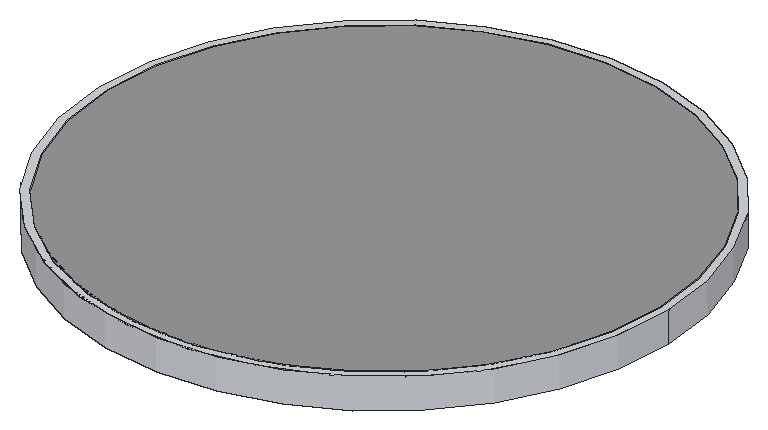
Revit family "2071302", category Lighting Fixtures, host Face, Revit 2018
Family settings
  Host = Face
  Round Connector Dimension = Use Diameter
  Part Type = Junction Box
  OmniClass Number = 23.80.70.00
  OmniClass Title = Lighting
  Cut with Voids When Loaded = No
  Light Source = Yes
  Shared = No
  Room Calculation Point = No
Parameters (values of type "2071302 COLOSSAL 1200 940 PR DIR WHT DALI EM")
  iner diameter = 1168 mm
  Weight = "n/a"
  Wattage Comments = ""
  Wattage = 30 W
  WarrantyStartDate [instance] = "n/a"
  WarrantyGuarantorParts = "n/a"
  WarrantyDurationUnit = "n/a"
  WarrantyDurationParts = ""
  WarrantyDescription = "http://www.sylvania-lighting.com"
  built-in parameter 1150110 = 1 (stored number, unit not read)
  Voltage = 230 V
  URL = "0.95"
  TypeName = "COLOSSAL 1200mm 940 PRISM DIR WHITE DALI EM"
  Type Image = <None>
  Type Comments = "n/a"
  built-in parameter 1114217 = 1 (stored number, unit not read)
  Tilt Angle = -90.00°
  built-in parameter 1150109 = 1 (stored number, unit not read)
  built-in parameter 1150134 = (empty or 0)
  built-in parameter 1150113 = 1 (stored number, unit not read)
  SerialNumber [instance] = "n/a"
  Photometric Web File = "2071302.ies"
  Material_3_SYL = LED-Sylvania
  PowerFactor = 0
  PowerConsumption = "Lighting"
  NominalLength = 1168 mm
  NominalHeight = 93 mm
  NominalDepth = 1168 mm
  Name = "COLOSSAL 1200mm 940 PRISM DIR WHITE DALI EM"
  ModelReference = Name  # "COLOSSAL 1200mm 940 PRISM DIR WHITE DALI EM"
  ModelNumber = "2071302"
  Model = Name  # "COLOSSAL 1200mm 940 PRISM DIR WHITE DALI EM"
  Material = "Feilo Sylvania"
  ManufacturerName = "117 lm/W"
  Manufacturer = ""
  LuminousEfficacy = ""
  built-in parameter 1150105 = 270.44 (stored number, unit not read)
  Lumens = 3398.4 lm
  LuminaireType = "0"
  built-in parameter 1150115 = 1 (stored number, unit not read)
  LightOutputRatio = "LED"
  built-in parameter 1150137 = (empty or 0)
  built-in parameter 1150139 = (empty or 0)
  LampsType = Lamp  # "n/a"
  LampNominalLuminous = "4000 K"
  LampMacAdamStep = "90"
  LampColourTemperature = "LED"
  LampColourRenderingIndex = "16500"
  built-in parameter 1150112 = 1 (stored number, unit not read)
  built-in parameter 1150114 = 1 (stored number, unit not read)
  Lamp = "n/a"
  Keynote = "n/a"
  InstallationDate [instance] = "n/a"
  InputVoltage = "0"
  InputNominalFrequency = "4000"
  built-in parameter 1150132 = (empty or 0)
  built-in parameter 1150102 = (empty or 0)
  built-in parameter 1150107 = 3000 (stored number, unit not read)
  built-in parameter 1150138 = (empty or 0)
  IngressProtection = "IfcLightFixtureType"
  ImpactProtectionIndex = "IfcLightFixtureType"
  built-in parameter 1150106 = 2.7044 (stored number, unit not read)
  IfcExportType = "IfcLightFixtureType"
  IfcExportAs = "Class I"
  Emit from Circle Diameter = 385 mm
  Emit Shape Visible in Rendering = no
  ElectricShockClassification = "117"
  built-in parameter 1150104 = 10.524 (stored number, unit not read)
  DocumentationLiterature = "http://www.sylvania-lighting.com/product/en-int/products/2071302"
  DimmingControlOptions = "n/a"
  Material_2_SYL = Polycarbonate_Sylvania_White
  Dimming Lamp Color Temperature Shift = <None>
  Description = "1200mm diameter circular architectural luminaire, can be surface mounted or suspended. Powder coated aluminium housing (RAL9016) with PMMA prismatic diffuser. Direct light distribution, 14060lm luminuous flux, 120W system power, 117lm/W luminiaire efficacy. DALI dimmable. 3 hours integrated emergency. Colour rendering index Ra >90, 4000K Neutral White LED, chromaticity tolerance of 3-step MacAdam ellipse. IP40/IP20, IK03. 350mA drive current. UGR≤19. Electrical protection Class1, 220-240V. Reported lifetime 66k hours L90B10."
  Default Elevation = 1219.2 mm
  CreatedOn = "23/03/2022"
  CreatedBy = "@sylvania-lighting.com"
  Cost = 0
  Color Filter = 16777215
  built-in parameter 1114216 [instance] = (empty or 0)
  ClassificationValue = "EF_70_80"
  ClassificationName = "Uniclass2015"
  Material_1_SYL = Polycarbonate_Sylvania_Opal
  BarCode [instance] = "n/a"
  built-in parameter 1114218 = 1 (stored number, unit not read)
  built-in parameter 1150133 = 10 (stored number, unit not read)
  AssetType = "Fixed"
  AssetIdentifier [instance] = "n/a"
  Assembly Code = "D5020200"
  Apparent Load = 120 VA
  Material_4_SYL = none
Reference planes
  plane 1 "Center (Front/Back)": y = 0
  plane 2: z = 0
  plane 3 "Center (Left/Right)": x = 0
  plane 4: z = 1.161
  plane 5: z = 16.161
  plane 6: y = 584
  plane 7: y = -584
  plane 8: x = 85
  plane 9: x = -85
  plane 10: through (0, 0, 1219.2) normal (0.5, 0.866, 0)
  plane 11: through (42.5, 73.612, 1219.2) normal (0.5, 0.866, 0)
  plane 12: through (-42.5, -73.612, 1219.2) normal (0.5, 0.866, 0)
  plane 13: through (0, 0, 1219.2) normal (0.5, -0.866, 0)
  plane 14: through (-42.5, 73.612, 1219.2) normal (0.5, -0.866, 0)
  plane 15: through (42.5, -73.612, 1219.2) normal (0.5, -0.866, 0)
  plane 16: z = 93
  plane 17: y = 584
  plane 18: y = -584
  plane 19: y = -429
  plane 20: x = -584
  plane 21: x = 584
Forms (mm)
  Extrusion 1, solid, detail levels medium+fine
    sketch origin (0, 0, 0) x (0.866025, -0.5, 0) y (0.5, 0.866025, 0)
      loop
        circle (-50, 86.603) r 22
    from 0 to 2
  Extrusion 2, solid, detail levels medium+fine
    sketch origin (0, 0, 0) x (0.866025, -0.5, 0) y (0.5, 0.866025, 0)
      loop
        circle (100, 0) r 22
      loop
        circle (-50, -86.603) r 22
    from 0 to 2
  Extrusion 3, solid, detail levels medium+fine
    sketch origin (0, 0, 0) x (1, 0, 0) y (0, 1, 0)
      loop
        circle (0, 0) r 584
    from 30 to 93
  Extrusion 4, void
    sketch origin (0, 0, 0) x (1, 0, 0) y (0, 1, 0)
      loop
        circle (0, 0) r 568
    from 96.588 to 37.292
  Extrusion 5, solid, material "Glass, White, High Luminance", detail levels fine
    sketch origin (0, 0, 0) x (1, 0, 0) y (0, 1, 0)
      loop
        circle (0, 0) r 568
    from 88.022 to 93
  Extrusion 6, solid, detail levels coarse
    sketch origin (0, 0, 0) x (1, 0, 0) y (0, 1, 0)
      loop
        line (-584, 584) -> (-584, -584) -> (584, -584) -> (584, 584) -> (-584, 584)
    from 0 to 93
  Blend 7, solid, detail levels medium+fine
    base sketch origin (-10.814, 11.299, 29.922) x (1, 0, 0) y (0, 1, 0)
      loop
        line (-402.654, -330.622) -> (397.346, -330.622) -> (482.346, -183.398) -> (82.346, 509.423) -> (-87.654, 509.423) -> (-487.654, -183.398) -> (-402.654, -330.622)
    top sketch origin (-10.814, 11.299, 29.922) x (1, 0, 0) y (0, 1, 0)
      loop
        line (-363.391, -306.496) -> (364.632, -306.496) -> (449.632, -159.272) -> (87.132, 468.597) -> (-82.868, 468.597) -> (-445.368, -159.272) -> (-363.391, -306.496)
    from 0 to -30
Cuts and joins
  Extrusion 4 cuts Extrusion 1
  Extrusion 4 cuts Extrusion 2
  Extrusion 4 cuts Extrusion 3
Lines and regions (mm)
  model lines, detail levels medium+fine
    curve 1: circle (0, 0, 0) r 155 normal (0, 0, 1)
  reference lines
    curve 2: circle (0, 0, 0) r 489 normal (0, 0, 1)
    curve 3: circle (0, 0, 0) r 521 normal (0, 0, 1)
    curve 4: line (0, 0, 0) -> (606.218, -350, 0)
    curve 5: line (0, 0, 0) -> (0, 825, 0)
    curve 6: line (0, 0, 0) -> (-623.538, -360, 0)
    curve 7: line (639.013, -270.785, 0) -> (85, 49.075, 0)
    curve 8: line (563.718, -423.612, 0) -> (0, -98.15, 0)
    curve 9: line (85, 49.075, 0) -> (85, 825, 0)
    curve 10: line (-85, 49.075, 0) -> (-85, 825, 0)
    curve 11: line (-85, 49.075, 0) -> (-666.038, -286.388, 0)
    curve 12: line (-581.038, -433.612, 0) -> (0, -98.15, 0)
Dimensions and locks
  plane 4 to level = 1.161 mm
  locked: plane 5 to plane 4 at 15
  "NominalDepth": plane 6 to plane 7
  plane 6 to plane 1 "Center (Front/Back)" to plane 7 = 584 mm, 584 mm
  "NominalHeight": level to plane 16
  equal spacing: plane 17, plane 1 "Center (Front/Back)", plane 18
  "NominalLength": plane 20 to plane 21
  equal spacing: plane 20, plane 3 "Center (Left/Right)", plane 21
  aligned and locked: plane 2 to host face
  aligned and locked: level to host face
  aligned and locked: plane 6 to Extrusion 6
Automatic sketch dimensions
  host sketch curve to host sketch curve = 2438.4 mm  (x2)
  Extrusion 1 sketch curve to plane 3 "Center (Left/Right)" = 0 mm
  Extrusion 1 sketch curve to plane 1 "Center (Front/Back)" = 100 mm
  plane 1 "Center (Front/Back)" to Extrusion 2 sketch curve = 50 mm
  Extrusion 2 sketch curve to plane 3 "Center (Left/Right)" = 86.603 mm
  Extrusion 2 sketch curve to Extrusion 2 sketch curve = 150 mm
  Extrusion 2 sketch curve to Extrusion 2 sketch curve = 86.603 mm
  plane 1 "Center (Front/Back)" to curve 1 = 0 mm
  curve 1 to plane 3 "Center (Left/Right)" = 0 mm
  plane 1 "Center (Front/Back)" to Extrusion 3 sketch curve = 0 mm
  Extrusion 3 sketch curve to plane 3 "Center (Left/Right)" = 0 mm
  plane 1 "Center (Front/Back)" to Extrusion 4 sketch curve = 0 mm
  Extrusion 4 sketch curve to plane 3 "Center (Left/Right)" = 0 mm
  plane 1 "Center (Front/Back)" to Extrusion 5 sketch curve = 0 mm
  Extrusion 5 sketch curve to plane 3 "Center (Left/Right)" = 0 mm
  curve 2 to curve 3 = 0 mm  (x2)
  curve 11 to plane 14 = 0 mm
  curve 6 to plane 13 = 0 mm
  curve 12 to plane 15 = 0 mm
  curve 10 to plane 9 = 0 mm
  curve 12 to plane 3 "Center (Left/Right)" = 0 mm
  plane 1 "Center (Front/Back)" to curve 3 = 0 mm
  curve 3 to plane 3 "Center (Left/Right)" = 0 mm
  curve 7 to plane 8 = 0 mm
  curve 11 to plane 10 = 0 mm
  curve 12 to plane 19 = 4.612 mm
  plane 19 to curve 6 = 69 mm
  plane 19 to curve 11 = 142.612 mm
  plane 19 to curve 8 = 5.388 mm
  plane 19 to curve 4 = 79 mm
  plane 19 to curve 7 = 158.215 mm
  plane 6 to curve 5 = 241 mm
  curve 10 to curve 5 = 0 mm
  curve 5 to curve 9 = 0 mm
  plane 1 "Center (Front/Back)" to curve 6 = 0 mm
  curve 6 to plane 3 "Center (Left/Right)" = 0 mm
  Extrusion 6 sketch curve to plane 7 = 0 mm
  Extrusion 6 sketch curve to plane 6 = 0 mm
  Blend 7 sketch curve to plane 6 = 756.098 mm  (x2)
  Blend 7 sketch curve to Blend 7 sketch curve = 85 mm
  plane 3 "Center (Left/Right)" to Blend 7 sketch curve = 386.532 mm
  plane 8 to Blend 7 sketch curve = 386.532 mm
  Blend 7 sketch curve to plane 6 = 63.278 mm
  Blend 7 sketch curve to plane 6 = 731.972 mm  (x2)
  Blend 7 sketch curve to Blend 7 sketch curve = 81.977 mm
  plane 3 "Center (Left/Right)" to Blend 7 sketch curve = 353.818 mm
  plane 8 to Blend 7 sketch curve = 353.818 mm
  Blend 7 sketch curve to plane 6 = 104.104 mm
  plane 12 to curve 8 = 0 mm
  plane 19 to Blend 7 sketch curve = 109.677 mm
  plane 19 to Blend 7 sketch curve = 133.803 mm
  plane 8 to Extrusion 6 sketch curve = 499 mm
  Extrusion 6 sketch curve to plane 9 = 499 mm
  Blend 7 sketch curve to plane 8 = 13.468 mm
  Blend 7 sketch curve to plane 9 = 13.468 mm
  Blend 7 sketch curve to plane 9 = 328.468 mm
  Blend 7 sketch curve to plane 8 = 8.682 mm
  Blend 7 sketch curve to plane 9 = 8.682 mm
  Blend 7 sketch curve to plane 9 = 289.205 mm
  plane 10 to curve 4 = 0 mm
  plane 11 to curve 7 = 0 mm
  curve 12 to plane 12 = 0 mm
  curve 9 to plane 11 = 0 mm
  radius of Extrusion 1 sketch curve = 22 mm
  radius of Extrusion 2 sketch curve = 22 mm  (x2)
  radius of curve 1 = 155 mm
  radius of Extrusion 3 sketch curve = 584 mm
  radius of Extrusion 4 sketch curve = 568 mm
  radius of Extrusion 5 sketch curve = 568 mm
  radius of curve 2 = 489 mm
  radius of curve 3 = 521 mm
Connectors
  electrical at (0, 0, 30)
    settings: on cut or joined group of Extrusion 3, Extrusion 4, index 1, voltage 0 V, apparent load 0 VA, apparent load phase1 0 VA, apparent load phase2 0 VA, apparent load phase3 0 VA, power factor 1, load classification "Other", number of poles 1, system type 31, power factor state 1, is connector primary yes, connector utility no, sub classification motor no, connector description ""
